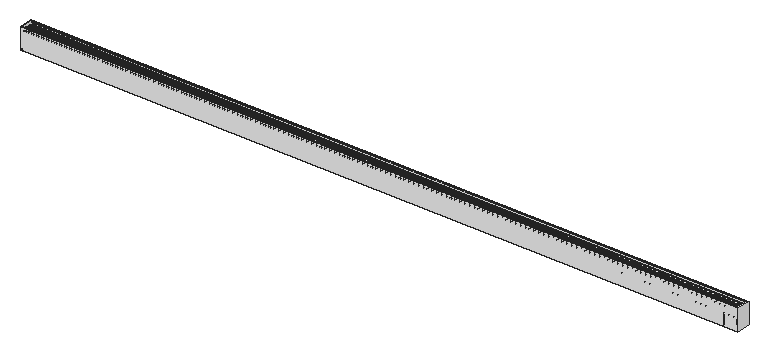
Revit family "STL22406BR_STL22406PTO", category Luminárias, Revit 2023
Family settings
  Hospedeiro = Forro
  Cota do conector redondo = Utilizar diâmetro
  Tipo de parte = Normal
  Número OmniClass = 23.80.70.11
  Título OmniClass = Luminaries for Internal Lighting
  Sempre na vertical = Sim
  Corte com vazios quando carregada = Não
  Fonte luminosa = Não
  Manter orientação da anotação = Não
  Compartilhado = Não
  Ponto de cálculo do ambiente = Não
Parameters (values of type "STL22406BR - BRANCO - 2m")
  URL = "https://stella.com.br/"
  Tensão Elétrica = "127V-220V"
  Referência = "STL22406BR - BRANCO - 2m"
  Potência máxima = 1000 W
  Modelo = "Trace - Trilho de Sobrepor 2m\r\nTrace - Trilho de Sobrepor 2m"
  Largura = 0.038 m
  Grau de proteção (IP) = "IP20"
  Fabricante = "Stella"
  Estrutura = Al - Branco
  Elevação padrão = 0.00 m
  Comprimento = 2.00 m
  Altura = 0.059 m
Types (3, lengths in m): name | Referência | Estrutura
  (no name) | "STL22406BR - BRANCO - 2m" | Al - Branco
  STL22406BR - BRANCO - 2m | "STL22406BR - BRANCO - 2m" | Al - Branco
  STL22406PTO - PRETO - 2m | "STL22406PTO - PRETO - 2m" | Al - Preto
Reference planes (m)
  plane 1 "Eixo de origem da luz (F/T)": y = 0
  plane 2 "Forro": z = 2.4384
  plane 3 "Eixo de origem da luz (E/D)": x = 0
  plane 4 "Elevação da origem da luz": z = 2.3794
  plane 5: y = 0.019
  plane 6: y = -0.019
  plane 7: x = -1
  plane 8: x = 1
  plane 9 "Inferior": z = 2.3794
  plane 10 "Superior": z = 2.4384
  plane 11 "Conector": z = 2.4079
Forms (m)
  Extrusion 1, solid, material "Al - Branco" <- "Estrutura"
    sketch origin (0, 0, 0) x (0, 1, 0) y (0, 0, 1)
      loop
        line (-0.0158, 2.4384) -> (-0.0186, 2.4384) -> (-0.0186, 2.3796) -> (-0.0174, 2.3796) -> (-0.0174, 2.382205) -> (-0.0179, 2.382823) -> (-0.0179, 2.385697) -> (-0.0174, 2.386314) -> (-0.0174, 2.4121) -> (-0.008, 2.4121) -> (-0.008, 2.4143) -> (-0.00895, 2.4143) -> (-0.00895, 2.413398) -> (-0.01215, 2.413398) -> (-0.01215, 2.416428) -> (-0.009337, 2.416428)
        arc (-0.009337, 2.416428) -> (-0.008721, 2.416788) -> (-0.008537, 2.417478) r 0.000937
        line (-0.008537, 2.417478) -> (-0.009487, 2.417478) -> (-0.009487, 2.416678) -> (-0.010487, 2.416678) -> (-0.010487, 2.421278) -> (-0.009487, 2.421278) -> (-0.009487, 2.420478) -> (-0.008537, 2.420478) -> (-0.008537, 2.421278)
        arc (-0.008537, 2.421278) -> (-0.00886, 2.421678) -> (-0.009352, 2.421828) r 0.000876
        line (-0.009352, 2.421828) -> (-0.0103, 2.421828) -> (-0.0103, 2.4244)
        spline (-0.0103, 2.4244) -> (-0.01028, 2.424328) -> (-0.010223, 2.424262) -> (-0.010132, 2.424205) -> (-0.010013, 2.424161) -> (-0.009874, 2.424133) -> (-0.009725, 2.424124) -> (-0.009576, 2.424133) -> (-0.009438, 2.424161) -> (-0.009318, 2.424205) -> (-0.009227, 2.424262) -> (-0.00917, 2.424328) -> (-0.00915, 2.4244)
        line (-0.00915, 2.4244) -> (-0.00915, 2.4292) -> (0.00915, 2.4292) -> (0.00915, 2.4244)
        spline (0.00915, 2.4244) -> (0.00917, 2.424328) -> (0.009227, 2.424262) -> (0.009318, 2.424205) -> (0.009438, 2.424161) -> (0.009576, 2.424133) -> (0.009725, 2.424124) -> (0.009874, 2.424133) -> (0.010013, 2.424161) -> (0.010132, 2.424205) -> (0.010223, 2.424262) -> (0.01028, 2.424328) -> (0.0103, 2.4244)
        line (0.0103, 2.4244) -> (0.0103, 2.421828) -> (0.009352, 2.421828)
        arc (0.009352, 2.421828) -> (0.00886, 2.421678) -> (0.008537, 2.421278) r 0.000876
        line (0.008537, 2.421278) -> (0.008537, 2.420478) -> (0.009487, 2.420478) -> (0.009487, 2.421278) -> (0.010487, 2.421278) -> (0.010487, 2.416678) -> (0.009487, 2.416678) -> (0.009487, 2.417478) -> (0.008537, 2.417478)
        arc (0.008537, 2.417478) -> (0.008721, 2.416788) -> (0.009337, 2.416428) r 0.000937
        line (0.009337, 2.416428) -> (0.01215, 2.416428) -> (0.01215, 2.413398) -> (0.00895, 2.413398) -> (0.00895, 2.4143) -> (0.008, 2.4143) -> (0.008, 2.4121) -> (0.0174, 2.4121) -> (0.0174, 2.386314) -> (0.0179, 2.385697) -> (0.0179, 2.382823) -> (0.0174, 2.382205) -> (0.0174, 2.3796) -> (0.0186, 2.3796) -> (0.0186, 2.4384) -> (0.0158, 2.4384) -> (0.0158, 2.4374) -> (0.0176, 2.4374) -> (0.0176, 2.4304) -> (0.00605, 2.4304) -> (0.00605, 2.4325) -> (0.0078, 2.4325) -> (0.0078, 2.4335) -> (0.0033, 2.4335) -> (0.0033, 2.4325) -> (0.00505, 2.4325) -> (0.00505, 2.4304) -> (-0.00505, 2.4304) -> (-0.00505, 2.4325) -> (-0.0033, 2.4325) -> (-0.0033, 2.4335) -> (-0.0078, 2.4335) -> (-0.0078, 2.4325) -> (-0.00605, 2.4325) -> (-0.00605, 2.4304) -> (-0.0176, 2.4304) -> (-0.0176, 2.4374) -> (-0.0158, 2.4374) -> (-0.0158, 2.4384)
      loop
        line (-0.01055, 2.426228) -> (-0.01055, 2.4292) -> (-0.0174, 2.4292) -> (-0.0174, 2.4135) -> (-0.0161, 2.4135) -> (-0.0161, 2.414505) -> (-0.01445, 2.414505)
        arc (-0.01445, 2.414505) -> (-0.013833, 2.420482) -> (-0.012075, 2.426228) r 0.031
        line (-0.012075, 2.426228) -> (-0.01055, 2.426228)
      loop
        arc (-0.012825, 2.420422) -> (-0.013288, 2.417458) -> (-0.013453, 2.414463) r 0.030002
        arc (-0.013453, 2.414463) -> (-0.013391, 2.414061) -> (-0.013149, 2.413735) r 0.000847
        line (-0.013149, 2.413735) -> (-0.013149, 2.416628)
        arc (-0.013149, 2.416628) -> (-0.012915, 2.417193) -> (-0.01235, 2.417428) r 0.000799
        line (-0.01235, 2.417428) -> (-0.011437, 2.417428) -> (-0.011437, 2.420422) -> (-0.012825, 2.420422)
      loop
        line (-0.012548, 2.421628) -> (-0.011437, 2.421628) -> (-0.011437, 2.425132)
        arc (-0.011437, 2.425132) -> (-0.012047, 2.423397) -> (-0.012548, 2.421628) r 0.03
      loop
        line (0.01055, 2.426228) -> (0.012075, 2.426228)
        arc (0.012075, 2.426228) -> (0.013833, 2.420482) -> (0.01445, 2.414505) r 0.031
        line (0.01445, 2.414505) -> (0.0161, 2.414505) -> (0.0161, 2.4135) -> (0.0174, 2.4135) -> (0.0174, 2.4292) -> (0.01055, 2.4292) -> (0.01055, 2.426228)
      loop
        line (0.012825, 2.420422) -> (0.011437, 2.420422) -> (0.011437, 2.417428) -> (0.01235, 2.417428)
        arc (0.01235, 2.417428) -> (0.012915, 2.417193) -> (0.013149, 2.416628) r 0.000799
        line (0.013149, 2.416628) -> (0.013149, 2.413735)
        arc (0.013149, 2.413735) -> (0.013391, 2.414061) -> (0.013453, 2.414463) r 0.000847
        arc (0.013453, 2.414463) -> (0.013288, 2.417458) -> (0.012825, 2.420422) r 0.030002
      loop
        arc (0.012548, 2.421628) -> (0.012047, 2.423397) -> (0.011437, 2.425132) r 0.03
        line (0.011437, 2.425132) -> (0.011437, 2.421628) -> (0.012548, 2.421628)
    from -0.998 to 0.998
  Extrusion 2, solid, material "Al - Branco" <- "Estrutura"
    sketch origin (0, 0, 0) x (0, 1, 0) y (0, 0, 1)
      loop
        line (-0.0186, 2.4384) -> (-0.0186, 2.3796) -> (0.0186, 2.3796) -> (0.0186, 2.4384) -> (-0.0186, 2.4384)
    from -1 to -0.998
  Extrusion 3, solid, material "Al - Branco" <- "Estrutura"
    sketch origin (0, 0, 0) x (0, 1, 0) y (0, 0, 1)
      loop
        line (-0.0174, 2.382205) -> (-0.0174, 2.3796) -> (0.0174, 2.3796) -> (0.0174, 2.382205) -> (0.0179, 2.382823) -> (0.0179, 2.385697) -> (0.0174, 2.386314) -> (0.0174, 2.4121) -> (0.0162, 2.4121) -> (0.0162, 2.3808) -> (-0.0162, 2.3808) -> (-0.0162, 2.4121) -> (-0.0174, 2.4121) -> (-0.0174, 2.386314) -> (-0.0179, 2.385697) -> (-0.0179, 2.382823) -> (-0.0174, 2.382205)
    from -0.998 to -0.995
  Extrusion 4, solid, material "Al - Branco" <- "Estrutura"
    sketch origin (0, 0, 0) x (1, 0, 0) y (0, 0, 1)
      loop
        line (-0.998, 2.4292) -> (-0.998, 2.428) -> (-0.99, 2.428) -> (-0.99, 2.429) -> (-0.992, 2.4292) -> (-0.998, 2.4292)
    from -0.009 to 0.009
  Extrusion 5, solid, material "Al - Branco" <- "Estrutura"
    sketch origin (0, 0, 0) x (0, 1, 0) y (0, 0, -1)
      loop
        line (-0.0186, -2.4384) -> (0.0186, -2.4384) -> (0.0186, -2.3796) -> (-0.0186, -2.3796) -> (-0.0186, -2.4384)
    from -1 to -0.998
  Extrusion 6, solid, material "Al - Branco" <- "Estrutura"
    sketch origin (0, 0, 0) x (0, 1, 0) y (0, 0, -1)
      loop
        line (-0.0174, -2.382205) -> (-0.0179, -2.382823) -> (-0.0179, -2.385697) -> (-0.0174, -2.386314) -> (-0.0174, -2.4121) -> (-0.0162, -2.4121) -> (-0.0162, -2.3808) -> (0.0162, -2.3808) -> (0.0162, -2.4121) -> (0.0174, -2.4121) -> (0.0174, -2.386314) -> (0.0179, -2.385697) -> (0.0179, -2.382823) -> (0.0174, -2.382205) -> (0.0174, -2.3796) -> (-0.0174, -2.3796) -> (-0.0174, -2.382205)
    from -0.998 to -0.995
  Extrusion 7, solid, material "Al - Branco" <- "Estrutura"
    sketch origin (0, 0, 0) x (0, 1, 0) y (0, 0, 1)
      loop
        line (-0.007113, 2.4222) -> (-0.007201, 2.4121) -> (-0.013241, 2.4121)
        arc (-0.013241, 2.4121) -> (-0.013655, 2.411929) -> (-0.013826, 2.411515) r 0.000585
        line (-0.013826, 2.411515) -> (-0.01385, 2.4106) -> (-0.017315, 2.4106) -> (-0.016882, 2.3796) -> (-0.014799, 2.3796) -> (-0.014799, 2.3811) -> (-0.015599, 2.3811) -> (-0.015599, 2.3819)
        arc (-0.015599, 2.3819) -> (-0.015376, 2.382412) -> (-0.01485, 2.382599) r 0.0007
        line (-0.01485, 2.382599) -> (-0.01485, 2.3839) -> (0.01485, 2.3839) -> (0.01485, 2.382599)
        arc (0.01485, 2.382599) -> (0.015376, 2.382412) -> (0.015599, 2.3819) r 0.0007
        line (0.015599, 2.3819) -> (0.015599, 2.3811) -> (0.014799, 2.3811) -> (0.014799, 2.3796) -> (0.016882, 2.3796) -> (0.017315, 2.4106) -> (0.01385, 2.4106) -> (0.013826, 2.411515)
        arc (0.013826, 2.411515) -> (0.013655, 2.411929) -> (0.013241, 2.4121) r 0.000585
        line (0.013241, 2.4121) -> (0.007201, 2.4121) -> (0.007113, 2.4222) -> (0.006604, 2.4232) -> (-0.006604, 2.4232) -> (-0.007113, 2.4222)
    from 0.959844 to 0.961182
  Extrusion 8, solid, material "Al - Branco" <- "Estrutura"
    sketch origin (0, 0, 2.3794) x (0, -1, 0) y (1, 0, 0)
      loop
        line (0.014699, 0.990651) -> (-0.014699, 0.990651) -> (-0.014699, 0.959844) -> (0.014699, 0.959844) -> (0.014699, 0.990651)
    from 0.000192 to 0.001692
  Extrusion 9, solid, material "Al - Branco" <- "Estrutura"
    sketch origin (0.05, 0, 2.3794) x (0, -1, 0) y (1, 0, 0)
      loop
        line (0.014699, 0.942651) -> (-0.014699, 0.942651) -> (-0.014699, 0.940651) -> (0.014699, 0.940651) -> (0.014699, 0.942651)
    from -0.000808 to 0.001692
  Extrusion 10, solid, material "Al - Branco" <- "Estrutura"
    sketch origin (0, 0, 0) x (0, 1, 0) y (0, 0, 1)
      loop
        line (-0.01475, 2.3838) -> (-0.01475, 2.38251)
        arc (-0.01475, 2.38251) -> (-0.015219, 2.382394) -> (-0.015499, 2.382) r 0.000694
        line (-0.015499, 2.382) -> (-0.015499, 2.3812) -> (-0.014699, 2.3812) -> (-0.014699, 2.3796) -> (0.014699, 2.3796) -> (0.014699, 2.3812) -> (0.015499, 2.3812) -> (0.015499, 2.382)
        arc (0.015499, 2.382) -> (0.015219, 2.382394) -> (0.01475, 2.38251) r 0.000694
        line (0.01475, 2.38251) -> (0.01475, 2.3838) -> (-0.01475, 2.3838)
    from 0.959844 to 0.961182
  Extrusion 11, solid, material "Al - Branco" <- "Estrutura"
    sketch origin (0, 0, 0) x (0, 1, 0) y (0, 0, 1)
      loop
        line (-0.007113, 2.4222) -> (-0.007214, 2.4106) -> (-0.017315, 2.4106) -> (-0.016903, 2.381092) -> (-0.016103, 2.381092) -> (-0.016504, 2.4098) -> (-0.006421, 2.4098) -> (-0.006311, 2.4224) -> (0.006311, 2.4224) -> (0.006421, 2.4098) -> (0.016504, 2.4098) -> (0.016103, 2.381092) -> (0.016903, 2.381092) -> (0.017315, 2.4106) -> (0.007214, 2.4106) -> (0.007113, 2.4222) -> (0.006604, 2.4232) -> (-0.006604, 2.4232) -> (-0.007113, 2.4222)
    from 0.961182 to 0.998
  Extrusion 12, void
    sketch origin (0, 0, 2.3794) x (0, -1, 0) y (1, 0, 0)
      loop
        line (-0.00135, 0.977449) -> (-0.00225, 0.978349) -> (-0.00225, 0.971749) -> (-0.00135, 0.972649) -> (-0.00135, 0.977449)
      loop
        line (-0.00035, 0.972649) -> (0.00055, 0.972649) -> (0.00055, 0.977449) -> (-0.00035, 0.977449) -> (-0.00035, 0.972649)
      loop
        line (0.00245, 0.971749) -> (0.00245, 0.978349) -> (0.00155, 0.977449) -> (0.00155, 0.972649) -> (0.00245, 0.971749)
    from 0.000192 to 0.000683
  Extrusion 13, void
    sketch origin (0, 0, 2.3794) x (0, -1, 0) y (1, 0, 0)
      loop
        circle (0, 0.898) r 0.0021
      loop
        circle (0, 0.299333) r 0.0021
      loop
        circle (0, -0.299333) r 0.0021
      loop
        circle (0, -0.898) r 0.0021
    from 0.0498 to 0.051
  Extrusion 14, solid, material "Al - Branco" <- "Estrutura"
    sketch origin (0, 0, 0) x (0, 1, 0) y (0, 0, 1)
      loop
        line (-0.016882, 2.3796) -> (-0.014799, 2.3796) -> (-0.014799, 2.381092) -> (-0.016903, 2.381092) -> (-0.016882, 2.3796)
      loop
        line (0.016882, 2.3796) -> (0.016903, 2.381092) -> (0.014799, 2.381092) -> (0.014799, 2.3796) -> (0.016882, 2.3796)
    from 0.959844 to 0.995
  Extrusion 15, solid, material "Al - Branco" <- "Estrutura"
    sketch origin (0, 0, 0) x (1, 0, 0) y (0, 0, 1)
      loop
        line (0.992651, 2.3796) -> (0.995, 2.3796) -> (0.995, 2.381092) -> (0.992651, 2.381092) -> (0.992651, 2.3796)
    from -0.014799 to 0.014799
Cuts and joins
  Extrusion 12 cuts Extrusion 8
  joined: Extrusion 8, Extrusion 10
  Extrusion 12 cuts Extrusion 11
  Extrusion 12, Extrusion 13 cuts Extrusion 1
  joined: Extrusion 1, Extrusion 2, Extrusion 3, Extrusion 5, Extrusion 6
  joined: Extrusion 7, Extrusion 14, Extrusion 15
Dimensions and locks (m)
  equal spacing: host sketch curve, plane 3 "Eixo de origem da luz (E/D)", host sketch curve
  equal spacing: host sketch curve, plane 1 "Eixo de origem da luz (F/T)", host sketch curve
  host sketch curve to host sketch curve = 2.025 m
  host sketch curve to host sketch curve = 0.051 m
  plane 10 "Superior" to plane 9 "Inferior" = 0.059 m
  "Comprimento": plane 7 to plane 8
  "Largura": plane 5 to plane 6
  "Altura": plane 10 "Superior" to plane 4 "Elevação da origem da luz"
Automatic sketch dimensions
  Extrusion 1 sketch curve to Extrusion 1 sketch curve = 0.00 m  (x12)
  Extrusion 1 sketch curve to plane 2 "Forro" = 0.00 m  (x2)
  plane 6 to Extrusion 1 sketch curve = 0.0004 m
  plane 6 to Extrusion 1 sketch curve = 0.0011 m
  plane 6 to Extrusion 1 sketch curve = 0.0014 m
  plane 6 to Extrusion 1 sketch curve = 0.0016 m
  Extrusion 1 sketch curve to Extrusion 1 sketch curve = 0.0005 m  (x2)
  Extrusion 1 sketch curve to Extrusion 1 sketch curve = 0.00085 m
  Extrusion 1 sketch curve to Extrusion 1 sketch curve = 0.000001 m  (x2)
  Extrusion 1 sketch curve to Extrusion 1 sketch curve = 0.000449 m  (x2)
  Extrusion 1 sketch curve to Extrusion 1 sketch curve = 0.0018 m
  Extrusion 1 sketch curve to Extrusion 1 sketch curve = 0.00165 m  (x2)
  Extrusion 1 sketch curve to Extrusion 1 sketch curve = 0.0013 m  (x2)
  Extrusion 1 sketch curve to Extrusion 1 sketch curve = 0.000324 m
  Extrusion 1 sketch curve to Extrusion 1 sketch curve = 0.00054 m
  Extrusion 1 sketch curve to Extrusion 1 sketch curve = 0.000277 m  (x2)
  Extrusion 1 sketch curve to Extrusion 1 sketch curve = 0.000799 m  (x2)
  Extrusion 1 sketch curve to Extrusion 1 sketch curve = 0.000999 m
  Extrusion 1 sketch curve to Extrusion 1 sketch curve = 0.000473 m
  Extrusion 1 sketch curve to Extrusion 1 sketch curve = 0.000913 m
  Extrusion 1 sketch curve to Extrusion 1 sketch curve = 0.001111 m  (x2)
  Extrusion 1 sketch curve to Extrusion 1 sketch curve = 0.001525 m
  Extrusion 1 sketch curve to Extrusion 1 sketch curve = 0.00095 m  (x4)
  Extrusion 1 sketch curve to Extrusion 1 sketch curve = 0.000187 m  (x2)
  Extrusion 1 sketch curve to Extrusion 1 sketch curve = 0.001 m  (x5)
  Extrusion 1 sketch curve to Extrusion 1 sketch curve = 0.000813 m  (x3)
  Extrusion 1 sketch curve to Extrusion 1 sketch curve = 0.000021 m  (x2)
  Extrusion 1 sketch curve to Extrusion 1 sketch curve = 0.000135 m
  Extrusion 1 sketch curve to Extrusion 1 sketch curve = 0.000137 m  (x2)
  Extrusion 1 sketch curve to Extrusion 1 sketch curve = 0.00015 m
  Extrusion 1 sketch curve to Extrusion 1 sketch curve = 0.0014 m  (x4)
  Extrusion 1 sketch curve to Extrusion 1 sketch curve = 0.000387 m
  Extrusion 1 sketch curve to Extrusion 1 sketch curve = 0.000929 m
  Extrusion 1 sketch curve to Extrusion 1 sketch curve = 0.00135 m
  Extrusion 1 sketch curve to Extrusion 1 sketch curve = 0.00175 m  (x4)
  Extrusion 1 sketch curve to plane 1 "Eixo de origem da luz (F/T)" = 0.0033 m
  Extrusion 1 sketch curve to plane 1 "Eixo de origem da luz (F/T)" = 0.008 m
  Extrusion 1 sketch curve to Extrusion 1 sketch curve = 0.000537 m
  Extrusion 1 sketch curve to Extrusion 1 sketch curve = 0.000613 m
  Extrusion 1 sketch curve to Extrusion 1 sketch curve = 0.0008 m  (x3)
  Extrusion 1 sketch curve to Extrusion 1 sketch curve = 0.000002 m
  Extrusion 1 sketch curve to Extrusion 1 sketch curve = 0.000129 m
  Extrusion 1 sketch curve to Extrusion 1 sketch curve = 0.000948 m
  Extrusion 1 sketch curve to Extrusion 1 sketch curve = 0.000638 m
  Extrusion 1 sketch curve to Extrusion 1 sketch curve = 0.000713 m
  Extrusion 1 sketch curve to Extrusion 1 sketch curve = 0.0002 m  (x3)
  Extrusion 1 sketch curve to Extrusion 1 sketch curve = 0.000459 m
  Extrusion 1 sketch curve to plane 2 "Forro" = 0.001 m  (x2)
  Extrusion 1 sketch curve to plane 5 = 0.0032 m
  Extrusion 1 sketch curve to plane 4 "Elevação da origem da luz" = 0.0002 m  (x2)
  Extrusion 1 sketch curve to plane 5 = 0.0016 m  (x3)
  Extrusion 1 sketch curve to plane 5 = 0.0014 m
  Extrusion 1 sketch curve to plane 5 = 0.0004 m
  Extrusion 1 sketch curve to Extrusion 1 sketch curve = 0.002605 m  (x2)
  Extrusion 1 sketch curve to Extrusion 1 sketch curve = 0.000617 m  (x4)
  Extrusion 1 sketch curve to Extrusion 1 sketch curve = 0.002874 m  (x2)
  plane 11 "Conector" to Extrusion 1 sketch curve = 0.0042 m  (x2)
  Extrusion 1 sketch curve to Extrusion 1 sketch curve = 0.001298 m  (x2)
  Extrusion 1 sketch curve to Extrusion 1 sketch curve = 0.000337 m  (x2)
  Extrusion 1 sketch curve to Extrusion 1 sketch curve = 0.000902 m  (x2)
  Extrusion 1 sketch curve to Extrusion 1 sketch curve = 0.000817 m  (x2)
  Extrusion 1 sketch curve to Extrusion 1 sketch curve = 0.000012 m  (x2)
  Extrusion 1 sketch curve to Extrusion 1 sketch curve = 0.000652 m  (x2)
  Extrusion 1 sketch curve to Extrusion 1 sketch curve = 0.000176 m
  Extrusion 1 sketch curve to Extrusion 1 sketch curve = 0.000769 m
  Extrusion 1 sketch curve to Extrusion 1 sketch curve = 0.002128 m
  Extrusion 1 sketch curve to Extrusion 1 sketch curve = 0.00204 m
  Extrusion 1 sketch curve to Extrusion 1 sketch curve = 0.00025 m  (x2)
  Extrusion 1 sketch curve to Extrusion 1 sketch curve = 0.000678 m  (x2)
  Extrusion 1 sketch curve to Extrusion 1 sketch curve = 0.002995 m  (x2)
  Extrusion 1 sketch curve to Extrusion 1 sketch curve = 0.000056 m  (x2)
  Extrusion 1 sketch curve to Extrusion 1 sketch curve = 0.000474 m  (x2)
  Extrusion 1 sketch curve to Extrusion 1 sketch curve = 0.000326 m  (x2)
  Extrusion 1 sketch curve to Extrusion 1 sketch curve = 0.00035 m  (x2)
  Extrusion 1 sketch curve to Extrusion 1 sketch curve = 0.001828 m  (x2)
  Extrusion 1 sketch curve to Extrusion 1 sketch curve = 0.002972 m  (x2)
  Extrusion 1 sketch curve to Extrusion 1 sketch curve = 0.0012 m  (x2)
  Extrusion 1 sketch curve to Extrusion 1 sketch curve = 0.0021 m  (x4)
  Extrusion 1 sketch curve to Extrusion 1 sketch curve = 0.000575 m
  Extrusion 2 sketch curve to plane 2 "Forro" = 0.00 m
  plane 6 to Extrusion 2 sketch curve = 0.0004 m
  Extrusion 2 sketch curve to plane 4 "Elevação da origem da luz" = 0.0002 m
  Extrusion 2 sketch curve to plane 5 = 0.0004 m
  plane 6 to Extrusion 3 sketch curve = 0.0011 m
  Extrusion 3 sketch curve to Extrusion 3 sketch curve = 0.0005 m  (x3)
  Extrusion 3 sketch curve to Extrusion 3 sketch curve = 0.0012 m
  Extrusion 3 sketch curve to plane 4 "Elevação da origem da luz" = 0.0014 m
  Extrusion 3 sketch curve to plane 5 = 0.0028 m
  Extrusion 3 sketch curve to plane 5 = 0.0016 m  (x2)
  Extrusion 3 sketch curve to plane 4 "Elevação da origem da luz" = 0.0002 m
  Extrusion 3 sketch curve to Extrusion 3 sketch curve = 0.001405 m  (x2)
  Extrusion 3 sketch curve to Extrusion 3 sketch curve = 0.000617 m  (x4)
  Extrusion 3 sketch curve to Extrusion 3 sketch curve = 0.002874 m  (x2)
  plane 11 "Conector" to Extrusion 3 sketch curve = 0.0042 m  (x2)
  plane 7 to Extrusion 4 sketch curve = 0.002 m
  Extrusion 4 sketch curve to Extrusion 4 sketch curve = 0.006 m
  Extrusion 4 sketch curve to Extrusion 4 sketch curve = 0.002 m
  Extrusion 4 sketch curve to plane 2 "Forro" = 0.0104 m
  Extrusion 4 sketch curve to Extrusion 4 sketch curve = 0.001 m
  Extrusion 4 sketch curve to Extrusion 4 sketch curve = 0.0002 m
  Extrusion 5 sketch curve to plane 2 "Forro" = 0.00 m
  plane 6 to Extrusion 5 sketch curve = 0.0004 m
  Extrusion 5 sketch curve to plane 4 "Elevação da origem da luz" = 0.0002 m
  Extrusion 5 sketch curve to plane 5 = 0.0004 m
  plane 6 to Extrusion 6 sketch curve = 0.0011 m
  Extrusion 6 sketch curve to Extrusion 6 sketch curve = 0.0005 m  (x3)
  Extrusion 6 sketch curve to Extrusion 6 sketch curve = 0.0012 m
  Extrusion 6 sketch curve to plane 4 "Elevação da origem da luz" = 0.0014 m
  Extrusion 6 sketch curve to plane 5 = 0.0028 m
  Extrusion 6 sketch curve to plane 5 = 0.0016 m  (x2)
  Extrusion 6 sketch curve to plane 4 "Elevação da origem da luz" = 0.0002 m
  Extrusion 6 sketch curve to Extrusion 6 sketch curve = 0.001405 m  (x2)
  Extrusion 6 sketch curve to Extrusion 6 sketch curve = 0.000617 m  (x4)
  Extrusion 6 sketch curve to Extrusion 6 sketch curve = 0.002874 m  (x2)
  plane 11 "Conector" to Extrusion 6 sketch curve = 0.0042 m  (x2)
  plane 6 to Extrusion 7 sketch curve = 0.001685 m
  Extrusion 7 sketch curve to plane 4 "Elevação da origem da luz" = 0.0002 m  (x2)
  plane 6 to Extrusion 7 sketch curve = 0.002118 m
  Extrusion 7 sketch curve to Extrusion 7 sketch curve = 0.001283 m  (x2)
  Extrusion 7 sketch curve to Extrusion 7 sketch curve = 0.0007 m  (x2)
  Extrusion 7 sketch curve to Extrusion 7 sketch curve = 0.000049 m  (x2)
  Extrusion 7 sketch curve to Extrusion 7 sketch curve = 0.0008 m  (x3)
  Extrusion 7 sketch curve to Extrusion 7 sketch curve = 0.003465 m
  Extrusion 7 sketch curve to Extrusion 7 sketch curve = 0.000024 m  (x2)
  Extrusion 7 sketch curve to Extrusion 7 sketch curve = 0.000585 m
  Extrusion 7 sketch curve to Extrusion 7 sketch curve = 0.00604 m
  plane 1 "Eixo de origem da luz (F/T)" to Extrusion 7 sketch curve = 0.007113 m
  Extrusion 7 sketch curve to Extrusion 7 sketch curve = 0.000509 m  (x2)
  Extrusion 7 sketch curve to plane 1 "Eixo de origem da luz (F/T)" = 0.006604 m
  plane 11 "Conector" to Extrusion 7 sketch curve = 0.0042 m
  Extrusion 7 sketch curve to plane 1 "Eixo de origem da luz (F/T)" = 0.007201 m
  Extrusion 7 sketch curve to plane 5 = 0.005759 m
  plane 11 "Conector" to Extrusion 7 sketch curve = 0.003615 m
  Extrusion 7 sketch curve to plane 5 = 0.004201 m
  Extrusion 7 sketch curve to Extrusion 7 sketch curve = 0.000051 m
  Extrusion 7 sketch curve to plane 5 = 0.001685 m
  Extrusion 7 sketch curve to Extrusion 7 sketch curve = 0.0015 m  (x2)
  Extrusion 7 sketch curve to Extrusion 7 sketch curve = 0.001301 m
  plane 11 "Conector" to Extrusion 7 sketch curve = 0.0027 m  (x2)
  Extrusion 7 sketch curve to Extrusion 7 sketch curve = 0.000915 m
  Extrusion 7 sketch curve to Extrusion 7 sketch curve = 0.0101 m  (x2)
  Extrusion 7 sketch curve to Extrusion 7 sketch curve = 0.001 m
  Extrusion 8 sketch curve to plane 5 = 0.004301 m
  plane 6 to Extrusion 8 sketch curve = 0.004301 m
  Extrusion 8 sketch curve to plane 8 = 0.040156 m
  Extrusion 8 sketch curve to plane 8 = 0.009349 m
  Extrusion 9 sketch curve to plane 5 = 0.004301 m
  plane 6 to Extrusion 9 sketch curve = 0.004301 m
  Extrusion 9 sketch curve to plane 8 = 0.009349 m
  Extrusion 9 sketch curve to Extrusion 9 sketch curve = 0.002 m
  plane 6 to Extrusion 10 sketch curve = 0.003501 m
  Extrusion 10 sketch curve to Extrusion 10 sketch curve = 0.00067 m  (x2)
  Extrusion 10 sketch curve to Extrusion 10 sketch curve = 0.000079 m
  Extrusion 10 sketch curve to Extrusion 10 sketch curve = 0.00013 m  (x2)
  Extrusion 10 sketch curve to plane 4 "Elevação da origem da luz" = 0.0002 m
  Extrusion 10 sketch curve to plane 5 = 0.004301 m
  Extrusion 10 sketch curve to Extrusion 10 sketch curve = 0.000051 m
  Extrusion 10 sketch curve to Extrusion 10 sketch curve = 0.0016 m  (x2)
  Extrusion 10 sketch curve to Extrusion 10 sketch curve = 0.00062 m  (x2)
  Extrusion 10 sketch curve to Extrusion 10 sketch curve = 0.00018 m  (x2)
  Extrusion 10 sketch curve to Extrusion 10 sketch curve = 0.00129 m
  plane 1 "Eixo de origem da luz (F/T)" to Extrusion 11 sketch curve = 0.007214 m
  plane 1 "Eixo de origem da luz (F/T)" to Extrusion 11 sketch curve = 0.007113 m
  Extrusion 11 sketch curve to Extrusion 11 sketch curve = 0.000509 m
  Extrusion 11 sketch curve to Extrusion 11 sketch curve = 0.000802 m  (x2)
  Extrusion 11 sketch curve to plane 1 "Eixo de origem da luz (F/T)" = 0.006311 m
  Extrusion 11 sketch curve to Extrusion 11 sketch curve = 0.000293 m
  Extrusion 11 sketch curve to plane 5 = 0.035903 m
  Extrusion 11 sketch curve to plane 4 "Elevação da origem da luz" = 0.001692 m  (x2)
  Extrusion 11 sketch curve to Extrusion 11 sketch curve = 0.0116 m  (x2)
  Extrusion 11 sketch curve to Extrusion 11 sketch curve = 0.0002 m
  Extrusion 11 sketch curve to Extrusion 11 sketch curve = 0.0008 m  (x5)
  plane 6 to Extrusion 11 sketch curve = 0.001685 m
  Extrusion 11 sketch curve to plane 5 = 0.001685 m
  Extrusion 11 sketch curve to plane 5 = 0.002897 m
  Extrusion 11 sketch curve to Extrusion 11 sketch curve = 0.000811 m  (x2)
  Extrusion 11 sketch curve to Extrusion 11 sketch curve = 0.000793 m  (x2)
  plane 11 "Conector" to Extrusion 11 sketch curve = 0.0019 m  (x2)
  Extrusion 11 sketch curve to plane 1 "Eixo de origem da luz (F/T)" = 0.006421 m
  Extrusion 12 sketch curve to plane 1 "Eixo de origem da luz (F/T)" = 0.00135 m
  Extrusion 12 sketch curve to plane 8 = 0.027351 m
  Extrusion 12 sketch curve to Extrusion 12 sketch curve = 0.0009 m  (x5)
  Extrusion 12 sketch curve to Extrusion 12 sketch curve = 0.0048 m
  Extrusion 12 sketch curve to plane 1 "Eixo de origem da luz (F/T)" = 0.00035 m
  Extrusion 12 sketch curve to Extrusion 12 sketch curve = 0.00 m  (x4)
  plane 1 "Eixo de origem da luz (F/T)" to Extrusion 12 sketch curve = 0.00055 m
  Extrusion 12 sketch curve to Extrusion 12 sketch curve = 0.0019 m
  Extrusion 12 sketch curve to Extrusion 12 sketch curve = 0.001 m
  plane 1 "Eixo de origem da luz (F/T)" to Extrusion 13 sketch curve = 0.00 m  (x4)
  Extrusion 13 sketch curve to plane 8 = 0.102 m
  Extrusion 13 sketch curve to Extrusion 13 sketch curve = 0.0021 m  (x4)
  plane 3 "Eixo de origem da luz (E/D)" to Extrusion 13 sketch curve = 0.299333 m
  Extrusion 13 sketch curve to plane 3 "Eixo de origem da luz (E/D)" = 0.299333 m
  Extrusion 13 sketch curve to Extrusion 13 sketch curve = 0.00 m  (x2)
  plane 7 to Extrusion 13 sketch curve = 0.102 m
  Extrusion 14 sketch curve to plane 4 "Elevação da origem da luz" = 0.0002 m  (x2)
  plane 6 to Extrusion 14 sketch curve = 0.002118 m
  Extrusion 14 sketch curve to plane 5 = 0.004201 m
  Extrusion 14 sketch curve to Extrusion 14 sketch curve = 0.002083 m  (x2)
  Extrusion 14 sketch curve to Extrusion 14 sketch curve = 0.000021 m
  Extrusion 14 sketch curve to Extrusion 14 sketch curve = 0.001492 m  (x2)
  plane 6 to Extrusion 14 sketch curve = 0.002097 m
  Extrusion 15 sketch curve to plane 4 "Elevação da origem da luz" = 0.001692 m
  Extrusion 15 sketch curve to plane 8 = 0.007349 m
  Extrusion 15 sketch curve to plane 8 = 0.005 m
  Extrusion 15 sketch curve to plane 4 "Elevação da origem da luz" = 0.0002 m
Connectors (m)
  electrical at (0, 0, 2.4384)
    settings: index 1, voltage 0 V, apparent load 0 VA, apparent load phase1 0 VA, apparent load phase2 0 VA, apparent load phase3 0 VA, power factor 1, load classification "Outro", number of poles 1, system type 31, power factor state 1, is connector primary yes, connector utility no, sub classification motor no, connector description ""
